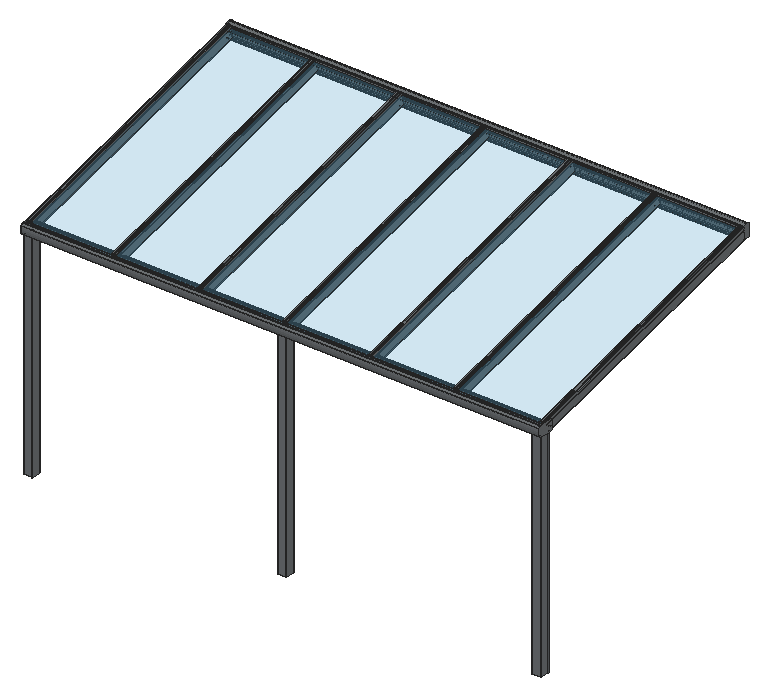
Revit family "Verano_V905_Iseo_GM_R21", category Generic Models, Revit 2021
Family settings
  Can host rebar = No
  Round Connector Dimension = Use Diameter
  Part Type = Normal
  Work Plane-Based = No
  Always vertical = Yes
  Cut with Voids When Loaded = No
  Shared = No
  Room Calculation Point = No
Parameters (values of type "T1 - Standard Profile")
  c1 [instance] = 3029.198 mm
  c [instance] = sqrt(a ^ 2 + b ^ 2)  # 2924.995 mm
  b [instance] = Overall Projection Constraint - 141 mm - 31 mm  # 2828 mm
  a min. [instance] = b * tan(Minimal Angle)  # 247.418 mm
  a max. [instance] = b * tan(Maximal Angle)  # 1085.567 mm
  a [instance] = H1 Constraint - H2 Constraint - 3 mm  # 747 mm
  Width [instance] = Overall Width Constraint  # 6000 mm
  Warning - Width [instance] = if(or(Width Input < Minimal Width, Width Input > Maximal Width), 1 = 1, 1 = 0)  # no
  Warning - Water Resistance [instance] = if(Inclination Angle < 7.00°, 1 = 1, 1 = 0)  # no
  Warning - Projection [instance] = if(or(Projection Input < Minimal Projection, Projection Input > Maximal Projection), 1 = 1, 1 = 0)  # no
  Warning - Height [instance] = if(or([H1 - Bottom Wall Profile] > Maximal H1, H2 Constraint > Maximal Pillar Height), 1 = 1, 1 = 0)  # no
  Warning - Angle [instance] = if(or(Inclination Angle < Minimal Angle, Inclination Angle > Maximal Angle), 1 = 1, 1 = 0)  # no
  Wall Profile Length [instance] = Overall Width Constraint + 2 * 2 mm  # 6004 mm
  URL = "https://verano.nl/catalogus/terrasoverkappingen"
  Standard Profile = not(Classic Profile)  # yes
  Projection [instance] = Overall Projection Constraint  # 3000 mm
  Pillar Offset [instance] = 55 mm  # constant formula
  Panel Material [instance] = V_Polycarbonate
  Overall Width Constraint [instance] = if(Width Input < Minimal Width, Minimal Width, if(Width Input > Maximal Width, Maximal Width, Width Input))  # 6000 mm
  Width Input [instance] = 6000 mm
  Overall Projection Constraint [instance] = if(Projection Input < Minimal Projection, Minimal Projection, if(Projection Input > Maximal Projection, Maximal Projection, Projection Input))  # 3000 mm
  Projection Input [instance] = 3000 mm
  OWC [instance] = Overall Width Constraint  # 6000 mm
  OPC [instance] = Overall Projection Constraint  # 3000 mm
  Number of Pillars [instance] = roundup(if(Overall Width Constraint > 3500 mm, (Overall Width Constraint / 3500 mm) + 1, 2))  # 3
  Number of Fields [instance] = roundup(Overall Width Constraint / 1000 mm)  # 6
  NOP [instance] = if(and(OWC < 3501 mm, OPC < 2501 mm), 2, if(and(OWC < 3001 mm, OPC < 3501 mm), 2, if(and(OWC < 7001 mm, OPC < 2501 mm), 3, if(and(OWC < 6001 mm, OPC < 3501 mm), 3, if(and(OWC < 5001 mm, OPC > 3500 mm), 3, if(and(OWC < 10501 mm, OPC < 2501 mm), 4, if(and(OWC < 9001 mm, OPC < 3501 mm), 4, if(and(OWC < 7501 mm, OPC > 3500 mm), 4, if(and(OWC > 10500 mm, OPC < 2501 mm), 5, if(and(OWC < 12001 mm, OPC < 3501 mm), 5, if(and(OWC < 10001 mm, OPC > 3500 mm), 5, 6)))))))))))  # 3
  NOF [instance] = if(or(Number of Fields = 3, Number of Fields = 5, Number of Fields = 7, Number of Fields = 9, Number of Fields = 11, Number of Fields = 13), "ODD", "EVEN")  # "EVEN"
  Model = "V905 Iseo"
  Minimal Width = 3000 mm  # constant formula
  Minimal Projection = 2000 mm  # constant formula
  Minimal Angle = 5.00°  # constant formula
  Maximal Width = 14000 mm  # constant formula
  Maximal Wall Height [instance] = 5000 mm + a + 3 mm + 144 mm  # 5894 mm
  Maximal Projection = 4000 mm  # constant formula
  Maximal Pillar Height [instance] = 5000 mm  # constant formula
  Maximal Angle = 21.00°  # constant formula
  Manufacturer = "Verano Systems"
  Inclination Angle [instance] = atan(a / b)  # 14.7964°
  Height [instance] = H1 Constraint  # 3250 mm
  H2C [instance] = if([H2 - Bottom Profile Gutter] > (H1 Constraint - a min.), (H1 Constraint - a min.), if([H2 - Bottom Profile Gutter] < (H1 Constraint - a max.), (H1 Constraint - a max.), [H2 - Bottom Profile Gutter]))  # 2500 mm
  H2 Constraint [instance] = if([H2 - Bottom Profile Gutter] > H1 Constraint, (H1 Constraint - a min.), [H2 - Bottom Profile Gutter])  # 2500 mm
  H2 - Bottom Profile Gutter [instance] = 2500 mm
  Maximal H1 [instance] = Maximal Pillar Height + 3828.3 mm * tan(Maximal Angle)  # 6469.547 mm
  H1 Constraint [instance] = if([H1 - Bottom Wall Profile] > Maximal H1, Maximal H1, [H1 - Bottom Wall Profile])  # 3250 mm
  H1 - Bottom Wall Profile [instance] = 3250 mm
  Frame Material [instance] = V_Antracite
  Field Width [instance] = (Overall Width Constraint - 2 * 30 mm) / Number of Fields  # 990 mm
  Description = "De terrasoverkapping Iseo is enorm geschikt model wanneer je met een lager budget op zoek bent naar een kwalitatief uitstekend type. De dakplaten van polycarbonaat zijn stevig en hebben een hoge slagvastheid zodat jij jarenlang kunt genieten van jouw overkapping."
  Default Elevation = 0 mm
  Classic Profile = no
  Attention = "Water resistance is not guaranteed on slopes less than 7º"
  Achtung = "Keine Garantie auf Wasserdichtigkeit bei einem Gefälle von weniger als 7º"
Reference planes
  plane 1 "Center (Front/Back)": y = 0
  plane 2: z = 0
  plane 3 "Center (Left/Right)": x = 0
  plane 4: x = 3000
  plane 5: x = -3000
  plane 6: y = -3000
  plane 7: y = -2945
  plane 8: x = -2945
  plane 9: x = 2945
  plane 10 "RevV": y = -31
  plane 11 "RevH": z = 3250
Forms (mm)
  Revolve 1, solid, not visible
    sketch origin (0, 0, 3250) x (-1, 0, 0) y (0, -1, 0)
      loop
        line (-3000, 31) -> (3000, 31) -> (3000, 41) -> (-3000, 41) -> (-3000, 31)
      axis (-3000, 31) -> (3000, 31)
    angle from 14.796 <- "Inclination Angle" to 90
Lines and regions (mm)
  symbolic lines, style "GenericModelHiddenLines"
    curve 1: line (3000, 0, 0) -> (-3000, 0, 0)
    curve 2: line (3000, 0, 0) -> (3000, -3000, 0)
    curve 3: line (-3000, -3000, 0) -> (3000, -3000, 0)
    curve 4: line (-3000, 0, 0) -> (-3000, -3000, 0)
Dimensions and locks
  equal spacing: plane 5, plane 3 "Center (Left/Right)", plane 4
  "Overall Width Constraint": plane 5 to plane 4
  "Overall Projection Constraint": plane 6 to plane 1 "Center (Front/Back)"
  "Pillar Offset": plane 5 to plane 8
  "Pillar Offset": plane 7 to plane 6
  "Pillar Offset": plane 9 to plane 4
  equal spacing: group 1, group 3, group 2  (x3)
  locked: plane 10 "RevV" to plane 1 "Center (Front/Back)" at 31
  locked: plane 1 "Center (Front/Back)" to plane 10 "RevV" at 31
  "H1 Constraint": level to plane 11 "RevH"
  nested 5 to plane 2 = 2500 mm
  aligned and locked: level to plane 2
  aligned and locked: plane 3 "Center (Left/Right)" to nested 1
  aligned and locked: plane 8 to nested 2
  aligned and locked: nested 2 to plane 7
  aligned and locked: plane 9 to nested 3
  aligned and locked: plane 7 to nested 3
  aligned and locked: nested 4 to plane 3 "Center (Left/Right)"
  aligned and locked: nested 4 to plane 7
  aligned and locked: nested 5 to plane 3 "Center (Left/Right)"
  aligned and locked: nested 5 to plane 7
  aligned and locked: Revolve 1 sketch curve to plane 10 "RevV"
  aligned and locked: plane 5 to Revolve 1 sketch curve
  aligned and locked: plane 4 to Revolve 1 sketch curve
  aligned and locked: nested 6 to plane 3 "Center (Left/Right)"
  aligned and locked: curve 1 to plane 1 "Center (Front/Back)"
  aligned and locked: curve 2 to plane 4
  aligned and locked: curve 3 to plane 6
  aligned and locked: curve 4 to plane 5
Automatic sketch dimensions
  plane 10 "RevV" to Revolve 1 sketch curve = 0 mm
  plane 10 "RevV" to Revolve 1 sketch curve = 10 mm
  plane 4 to Revolve 1 sketch curve = 500 mm
  Revolve 1 sketch curve to Revolve 1 sketch curve = 500 mm
Nested families
  nested 1: "Wall Profile" at (0, 0, 3250), built-in parameter 1001360 <- "H1 Constraint", type "Wall Profile"
    with Length 6004 mm
  nested 2: "Pillar" at (-2945, -2945, 0), type "Pillar"
    with Pillar Height 2500 mm
  nested 3: "Pillar" at (2945, -2945, 0), type "Pillar"
    with Pillar Height 2500 mm
  nested 4: "Gutter_Standard" at (0, -2945, 2500), built-in parameter 1001360 <- "H2 Constraint", visible <- "Standard Profile", type "Gutter_Standard"
    with Length 6004 mm
  nested 5: "Gutter_Classic" at (0, -2945, 2500), built-in parameter 1001360 <- "H2 Constraint", visible <- "Classic Profile", type "Gutter_Classic"
    with Length 6004 mm
  nested 6: "Frame" at (0, -31, 3250) x (1, 0, 0) z (0, -0.2554, 0.9668), type "Frame"
    with Width 6000 mm, Rail Length 2 2981.795 mm, Rail Length 1 2914.795 mm, Panel Width 964 mm, Numebr of Rails 5, Number of Fileds 6, Length 2924.995 mm, Field Width 990 mm
  nested 7: "Pillar" at (0, -2945, 0), type "Pillar"
    with Pillar Height 2500 mm
Definition of nested family "Wall Profile"
  Parameters (values of type "Wall Profile")
    Length = 6254 mm
    Frame Material = none
    Default Elevation = 0 mm
  Reference planes
    plane 1 "Center (Front/Back)": y = 0
    plane 2: z = 0
    plane 3 "Center (Left/Right)": x = 0
    plane 4 "Right": x = 3127
    plane 5 "Left": x = -3127
    plane 6: x = -3125
    plane 7: x = 3125
    plane 8: y = -31
  Forms (mm)
    Extrusion 1, solid, material <- "Frame Material"
      sketch origin (0, 0, 144) x (0, 1, 0) y (0, 0, 1)
        loop
          line (-61, -17.732) -> (-59.743, -21.844)
          arc (-59.743, -21.844) -> (-58.619, -22.442) -> (-58.021, -21.318) r 0.9
          line (-58.021, -21.318) -> (-58.694, -19.119) -> (-53.04, -17.39) -> (-50.865, -24.505) -> (-53.389, -27.117) -> (-56.004, -27.917) -> (-56.668, -25.745)
          arc (-56.668, -25.745) -> (-57.792, -25.147) -> (-58.39, -26.271) r 0.9
          line (-58.39, -26.271) -> (-57.198, -30.167) -> (-52.364, -28.647) -> (-48.833, -24.992) -> (-49.922, -21.433)
          arc (-49.922, -21.433) -> (-49.438, -21.067) -> (-49.254, -20.49) r 1
          line (-49.254, -20.49) -> (-49.254, -19.492)
          arc (-49.254, -19.492) -> (-49.617, -19.051) -> (-50.121, -19.322) r 0.45
          arc (-50.121, -19.322) -> (-50.492, -16.564) -> (-47.734, -16.935) r 1.75
          arc (-47.734, -16.935) -> (-48.005, -17.438) -> (-47.563, -17.801) r 0.45
          line (-47.563, -17.801) -> (-46.632, -17.801)
          arc (-46.632, -17.801) -> (-46.029, -17.497) -> (-45.915, -16.832) r 0.75
          line (-45.915, -16.832) -> (-46.368, -15.35) -> (-8.099, -3.65)
          arc (-8.099, -3.65) -> (-7.704, -4.303) -> (-6.963, -4.487) r 1
          line (-6.963, -4.487) -> (-6.173, -4.368)
          arc (-6.173, -4.368) -> (-5.79, -3.944) -> (-6.132, -3.486) r 0.45
          arc (-6.132, -3.486) -> (-3.459, -2.712) -> (-3.418, -5.494) r 1.75
          arc (-3.418, -5.494) -> (-3.956, -5.301) -> (-4.25, -5.791) r 0.45
          line (-4.25, -5.791) -> (-4.132, -6.581)
          arc (-4.132, -6.581) -> (-3.74, -7.236) -> (-3, -7.423) r 1
          line (-3, -7.423) -> (-3, -125.026)
          arc (-3, -125.026) -> (-3.698, -125.98) -> (-4.818, -125.601) r 1
          arc (-4.818, -125.601) -> (-15.777, -115.853) -> (-29.933, -112.018) r 32
          arc (-29.933, -112.018) -> (-31.385, -112.573) -> (-32, -114) r 2
          arc (-32, -114) -> (-31.008, -115) -> (-30, -114.017) r 1
          arc (-30, -114.017) -> (-13.607, -119.557) -> (-3, -133.23) r 30
          line (-3, -133.23) -> (-3, -140.191) -> (-4.5, -140.191) -> (-4.5, -141.809)
          arc (-4.5, -141.809) -> (-4.137, -142.25) -> (-3.634, -141.98) r 0.45
          arc (-3.634, -141.98) -> (-3.263, -144.737) -> (-6.02, -144.366) r 1.75
          arc (-6.02, -144.366) -> (-5.75, -143.863) -> (-6.191, -143.5) r 0.45
          line (-6.191, -143.5) -> (-7.809, -143.5) -> (-7.809, -145) -> (-31, -145)
          arc (-31, -145) -> (-31.906, -143.577) -> (-30.234, -143.357) r 1
          line (-30.234, -143.357) -> (-28.702, -142.072)
          arc (-28.702, -142.072) -> (-33.719, -142.732) -> (-31, -147) r 3
          line (-31, -147) -> (0, -147) -> (0, -145.5) -> (-1, -144.923) -> (-1, -111.202) -> (0, -110.625) -> (0, -109.125) -> (-1, -108.548) -> (-1, -74.827) -> (0, -74.25) -> (0, -72.75) -> (-1, -72.173) -> (-1, -38.452) -> (0, -37.875) -> (0, -36.375) -> (-1, -35.798) -> (-1, -2.077) -> (0, -1.5) -> (0, 0) -> (-3, 0) -> (-61, -17.732)
      from -3125 to 3125
    Extrusion 2, solid, material <- "Frame Material"
      sketch origin (-3127, 0, 144) x (0, 1, 0) y (0, 0, 1)
        loop
          line (-1, -147) -> (-1, 0) -> (-3, 0) -> (-61, -17.732) -> (-51.428, -141.463)
          arc (-51.428, -141.463) -> (-49.522, -145.403) -> (-45.446, -147) r 6
          line (-45.446, -147) -> (-1, -147)
      from 0 to 2
    Extrusion 3, solid, material <- "Frame Material"
      sketch origin (1000, 0, 144) x (0, 1, 0) y (0, 0, -1)
        loop
          line (-1, 147) -> (-45.446, 147)
          arc (-45.446, 147) -> (-49.522, 145.403) -> (-51.428, 141.463) r 6
          line (-51.428, 141.463) -> (-61, 17.732) -> (-3, 0) -> (-1, 0) -> (-1, 147)
      from -2127 to -2125
  Dimensions and locks
    equal spacing: plane 5 "Left", plane 3 "Center (Left/Right)", plane 4 "Right"
    "Length": plane 5 "Left" to plane 4 "Right"
    locked: plane 7 to plane 4 "Right" at 2
    locked: plane 5 "Left" to plane 6 at 2
    locked: plane 1 "Center (Front/Back)" to plane 8 at 31
    aligned and locked: level to plane 2
    aligned and locked: Extrusion 1 to plane 6
    aligned and locked: plane 7 to Extrusion 1
    aligned and locked: Extrusion 2 to plane 5 "Left"
    aligned and locked: plane 6 to Extrusion 2
    aligned and locked: plane 4 "Right" to Extrusion 3
    aligned and locked: Extrusion 3 to plane 7
  Automatic sketch dimensions
    Extrusion 1 sketch curve to Extrusion 1 sketch curve = 0 mm  (x19)
    Extrusion 1 sketch curve to plane 8 = 0 mm  (x2)
    level to Extrusion 1 sketch curve = 144 mm
    Extrusion 1 sketch curve to plane 1 "Center (Front/Back)" = 0 mm  (x5)
    plane 8 to Extrusion 1 sketch curve = 14.915 mm
    Extrusion 1 sketch curve to Extrusion 1 sketch curve = 0.453 mm
    Extrusion 1 sketch curve to Extrusion 1 sketch curve = 0.717 mm
    Extrusion 1 sketch curve to Extrusion 1 sketch curve = 0.931 mm
    Extrusion 1 sketch curve to Extrusion 1 sketch curve = 1.27 mm
    Extrusion 1 sketch curve to Extrusion 1 sketch curve = 1.691 mm  (x4)
    Extrusion 1 sketch curve to Extrusion 1 sketch curve = 0.45 mm  (x4)
    Extrusion 1 sketch curve to Extrusion 1 sketch curve = 0.667 mm
    Extrusion 1 sketch curve to Extrusion 1 sketch curve = 1 mm  (x2)
    Extrusion 1 sketch curve to Extrusion 1 sketch curve = 2.031 mm
    Extrusion 1 sketch curve to Extrusion 1 sketch curve = 1.499 mm
    Extrusion 1 sketch curve to Extrusion 1 sketch curve = 3.786 mm
    Extrusion 1 sketch curve to Extrusion 1 sketch curve = 1.025 mm
    Extrusion 1 sketch curve to Extrusion 1 sketch curve = 2.615 mm
    Extrusion 1 sketch curve to Extrusion 1 sketch curve = 0.664 mm
    Extrusion 1 sketch curve to Extrusion 1 sketch curve = 1.194 mm
    Extrusion 1 sketch curve to Extrusion 1 sketch curve = 0.861 mm  (x4)
    Extrusion 1 sketch curve to Extrusion 1 sketch curve = 1.353 mm
    Extrusion 1 sketch curve to Extrusion 1 sketch curve = 0.672 mm
    level to Extrusion 1 sketch curve = 122.156 mm
    Extrusion 1 sketch curve to Extrusion 1 sketch curve = 2.306 mm
    Extrusion 1 sketch curve to plane 8 = 0.766 mm
    Extrusion 1 sketch curve to plane 8 = 1 mm
    Extrusion 1 sketch curve to Extrusion 1 sketch curve = 1.532 mm
    level to Extrusion 1 sketch curve = 140.35 mm
    plane 1 "Center (Front/Back)" to Extrusion 1 sketch curve = 8.099 mm
    plane 1 "Center (Front/Back)" to Extrusion 1 sketch curve = 7.809 mm
    Extrusion 1 sketch curve to Extrusion 1 sketch curve = 0.988 mm
    Extrusion 1 sketch curve to Extrusion 1 sketch curve = 0.148 mm
    Extrusion 1 sketch curve to Extrusion 1 sketch curve = 0.724 mm
    Extrusion 1 sketch curve to Extrusion 1 sketch curve = 1.618 mm  (x2)
    Extrusion 1 sketch curve to Extrusion 1 sketch curve = 0.067 mm  (x2)
    Extrusion 1 sketch curve to Extrusion 1 sketch curve = 1.673 mm
    Extrusion 1 sketch curve to Extrusion 1 sketch curve = 0.25 mm  (x2)
    Extrusion 1 sketch curve to Extrusion 1 sketch curve = 0.118 mm  (x2)
    plane 1 "Center (Front/Back)" to Extrusion 1 sketch curve = 4 mm
    Extrusion 1 sketch curve to Extrusion 1 sketch curve = 0.445 mm  (x2)
    Extrusion 1 sketch curve to Extrusion 1 sketch curve = 0.662 mm
    plane 1 "Center (Front/Back)" to Extrusion 1 sketch curve = 3 mm  (x2)
    plane 1 "Center (Front/Back)" to Extrusion 1 sketch curve = 1 mm  (x4)
    Extrusion 1 sketch curve to Extrusion 1 sketch curve = 1.5 mm  (x4)
    Extrusion 1 sketch curve to Extrusion 1 sketch curve = 6.961 mm
    Extrusion 1 sketch curve to Extrusion 1 sketch curve = 8.203 mm
    Extrusion 1 sketch curve to Extrusion 1 sketch curve = 11.585 mm
    Extrusion 1 sketch curve to Extrusion 1 sketch curve = 0.017 mm
    Extrusion 1 sketch curve to Extrusion 1 sketch curve = 13.824 mm
    Extrusion 1 sketch curve to Extrusion 1 sketch curve = 0.577 mm  (x8)
    Extrusion 1 sketch curve to Extrusion 1 sketch curve = 33.72 mm  (x2)
    Extrusion 1 sketch curve to Extrusion 1 sketch curve = 8.322 mm
    Extrusion 1 sketch curve to Extrusion 1 sketch curve = 1.52 mm
    Extrusion 1 sketch curve to Extrusion 1 sketch curve = 2.25 mm
    Extrusion 1 sketch curve to Extrusion 1 sketch curve = 1.53 mm
    Extrusion 1 sketch curve to Extrusion 1 sketch curve = 0.526 mm
    Extrusion 1 sketch curve to Extrusion 1 sketch curve = 2.125 mm
    Extrusion 1 sketch curve to Extrusion 1 sketch curve = 0.488 mm
    Extrusion 1 sketch curve to Extrusion 1 sketch curve = 0.263 mm
    Extrusion 1 sketch curve to Extrusion 1 sketch curve = 3.072 mm
    Extrusion 1 sketch curve to Extrusion 1 sketch curve = 0.997 mm
    Extrusion 1 sketch curve to Extrusion 1 sketch curve = 2.199 mm
    Extrusion 1 sketch curve to Extrusion 1 sketch curve = 1.386 mm
    Extrusion 1 sketch curve to Extrusion 1 sketch curve = 0.411 mm
    Extrusion 1 sketch curve to Extrusion 1 sketch curve = 0.75 mm
    Extrusion 1 sketch curve to Extrusion 1 sketch curve = 1.482 mm
    Extrusion 1 sketch curve to Extrusion 1 sketch curve = 3.773 mm
    Extrusion 1 sketch curve to Extrusion 1 sketch curve = 0.842 mm
    Extrusion 1 sketch curve to Extrusion 1 sketch curve = 0.79 mm
    Extrusion 1 sketch curve to Extrusion 1 sketch curve = 0.836 mm
    level to Extrusion 1 sketch curve = 141.923 mm
    plane 8 to Extrusion 1 sketch curve = 1 mm
    Extrusion 1 sketch curve to Extrusion 1 sketch curve = 0.171 mm
    Extrusion 1 sketch curve to Extrusion 1 sketch curve = 0.107 mm
    level to Extrusion 2 sketch curve = 144 mm
    plane 8 to Extrusion 2 sketch curve = 30 mm
    plane 8 to Extrusion 2 sketch curve = 20.428 mm
    Extrusion 2 sketch curve to Extrusion 2 sketch curve = 5.982 mm
    plane 1 "Center (Front/Back)" to Extrusion 2 sketch curve = 3 mm
    plane 1 "Center (Front/Back)" to Extrusion 2 sketch curve = 1 mm
    level to Extrusion 2 sketch curve = 126.268 mm
    level to Extrusion 3 sketch curve = 144 mm
    plane 8 to Extrusion 3 sketch curve = 30 mm
    plane 8 to Extrusion 3 sketch curve = 20.428 mm
    Extrusion 3 sketch curve to Extrusion 3 sketch curve = 5.982 mm
    plane 1 "Center (Front/Back)" to Extrusion 3 sketch curve = 3 mm
    plane 1 "Center (Front/Back)" to Extrusion 3 sketch curve = 1 mm
    level to Extrusion 3 sketch curve = 126.268 mm
    Extrusion 1 sketch curve to level = 0 mm
    Extrusion 1 sketch curve to level = 0.923 mm
    Extrusion 1 sketch curve to level = 1 mm
    level to Extrusion 1 sketch curve = 0.05 mm
    level to Extrusion 1 sketch curve = 0.5 mm
    Extrusion 1 sketch curve to level = 0.366 mm
    level to Extrusion 2 sketch curve = 3 mm
    level to Extrusion 2 sketch curve = 2.537 mm
    level to Extrusion 3 sketch curve = 3 mm
    level to Extrusion 3 sketch curve = 2.537 mm
Definition of nested family "Pillar"
  Parameters
    Pillar Height = 1406.616 mm
    Frame Material = none
    Default Elevation = 0 mm
  Reference planes
    plane 1 "Center (Front/Back)": y = 0
    plane 2: z = 0
    plane 3 "Center (Left/Right)": x = 0
    plane 4: z = 1406.616
  Forms (mm)
    Extrusion 1, solid, material <- "Frame Material"
      sketch origin (0, 0, 0) x (1, 0, 0) y (0, 1, 0)
        loop
          arc (-50, 55) -> (-53.536, 53.536) -> (-55, 50) r 5
          line (-55, 50) -> (-55, -50)
          arc (-55, -50) -> (-53.536, -53.536) -> (-50, -55) r 5
          line (-50, -55) -> (-48.199, -55) -> (-47.59, -54.39) -> (-46.98, -55) -> (46.98, -55) -> (47.59, -54.39) -> (48.199, -55) -> (50, -55)
          arc (50, -55) -> (53.536, -53.536) -> (55, -50) r 5
          line (55, -50) -> (55, 50)
          arc (55, 50) -> (53.536, 53.536) -> (50, 55) r 5
          line (50, 55) -> (-50, 55)
        loop
          arc (-50, 53) -> (-52.121, 52.121) -> (-53, 50) r 3
          line (-53, 50) -> (-53, -50)
          arc (-53, -50) -> (-52.121, -52.121) -> (-50, -53) r 3
          line (-50, -53) -> (50, -53)
          arc (50, -53) -> (52.121, -52.121) -> (53, -50) r 3
          line (53, -50) -> (53, 50)
          arc (53, 50) -> (52.121, 52.121) -> (50, 53) r 3
          line (50, 53) -> (-50, 53)
      from 0 to 1406.616
  Dimensions and locks
    "Pillar Height": plane 4 to level
    aligned and locked: level to plane 2
    aligned and locked: plane 4 to Extrusion 1
  Automatic sketch dimensions
    Extrusion 1 sketch curve to Extrusion 1 sketch curve = 5 mm  (x3)
    Extrusion 1 sketch curve to Extrusion 1 sketch curve = 1.801 mm  (x2)
    Extrusion 1 sketch curve to Extrusion 1 sketch curve = 0.61 mm  (x4)
    plane 3 "Center (Left/Right)" to Extrusion 1 sketch curve = 46.98 mm
    Extrusion 1 sketch curve to Extrusion 1 sketch curve = 0 mm  (x10)
    Extrusion 1 sketch curve to plane 1 "Center (Front/Back)" = 50 mm
    plane 1 "Center (Front/Back)" to Extrusion 1 sketch curve = 50 mm  (x2)
    Extrusion 1 sketch curve to Extrusion 1 sketch curve = 2 mm
    Extrusion 1 sketch curve to Extrusion 1 sketch curve = 3.02 mm
Definition of nested family "Gutter_Standard"
  Parameters
    Length = 2000 mm
    Frame Material = none
    Default Elevation = 0 mm
  Reference planes
    plane 1 "Center (Front/Back)": y = 0
    plane 2: z = 0
    plane 3 "Center (Left/Right)": x = 0
    plane 4: x = -1000
    plane 5: x = 1000
    plane 6: x = -998
    plane 7: x = 998
    plane 8: z = 3
    plane 9: y = 85.75
  Forms (mm)
    Extrusion 1, solid, material <- "Frame Material"
      sketch origin (0, 0, 0) x (0, 1, 0) y (0, 0, 1)
        loop
          arc (-89.355, 90) -> (-92.376, 46.949) -> (-78.75, 6) r 111
          arc (-78.75, 6) -> (-69.18, 2.447) -> (-59.27, 0) r 90
          line (-59.27, 0) -> (-57.69, -4.342)
          arc (-57.69, -4.342) -> (-56.576, -4.985) -> (-55.75, -4) r 1
          line (-55.75, -4) -> (-55.75, 0) -> (55.75, 0) -> (55.75, -18.5)
          arc (55.75, -18.5) -> (57.25, -20) -> (58.75, -18.5) r 1.5
          line (58.75, -18.5) -> (58.75, 0) -> (87.75, 0)
          arc (87.75, 0) -> (88.457, 0.293) -> (88.75, 1) r 1
          line (88.75, 1) -> (88.75, 3)
          arc (88.75, 3) -> (86.776, 5.819) -> (83.452, 4.928) r 3
          line (83.452, 4.928) -> (84.984, 3.643)
          arc (84.984, 3.643) -> (86.092, 3.94) -> (86.75, 3) r 1
          line (86.75, 3) -> (86.75, 2) -> (57.75, 2) -> (57.75, 13.77)
          arc (57.75, 13.77) -> (65.155, 24.813) -> (76.604, 31.572) r 30
          arc (76.604, 31.572) -> (75.547, 32.721) -> (73.986, 32.759) r 2
          arc (73.986, 32.759) -> (65.945, 28.135) -> (59.568, 21.399) r 32
          arc (59.568, 21.399) -> (58.448, 21.02) -> (57.75, 21.974) r 1
          line (57.75, 21.974) -> (57.75, 57)
          arc (57.75, 57) -> (56.222, 59.892) -> (52.972, 60.258) r 3.5
          arc (52.972, 60.258) -> (52.341, 59.243) -> (53.134, 58.348) r 1
          arc (53.134, 58.348) -> (56, 57) -> (53.134, 55.652) r 1.75
          arc (53.134, 55.652) -> (52.341, 54.757) -> (52.972, 53.742) r 1
          arc (52.972, 53.742) -> (54.038, 53.506) -> (55.125, 53.611) r 3.5
          arc (55.125, 53.611) -> (55.556, 53.522) -> (55.75, 53.127) r 0.5
          line (55.75, 53.127) -> (55.75, 2) -> (-59.612, 2)
          arc (-59.612, 2) -> (-68.656, 4.273) -> (-77.409, 7.49) r 88.1
          arc (-77.409, 7.49) -> (-90.499, 47.256) -> (-87.65, 89.023) r 109.1
          arc (-87.65, 89.023) -> (-76.095, 98.846) -> (-63.026, 106.542) r 88.1
          line (-63.026, 106.542) -> (-62.508, 105.222)
          arc (-62.508, 105.222) -> (-61.493, 104.591) -> (-60.598, 105.384) r 1
          arc (-60.598, 105.384) -> (-59.25, 108.25) -> (-57.902, 105.384) r 1.75
          arc (-57.902, 105.384) -> (-57.007, 104.591) -> (-55.992, 105.222) r 1
          arc (-55.992, 105.222) -> (-56.816, 109.015) -> (-60.635, 109.714) r 3.5
          arc (-60.635, 109.714) -> (-75.958, 101.26) -> (-89.355, 90) r 90
      from -998 to 998
    Extrusion 2, solid, material <- "Frame Material"
      sketch origin (0, 0, 0) x (0, 1, 0) y (0, 0, 1)
        loop
          arc (94.75, 105.3) -> (93.286, 108.836) -> (89.75, 110.3) r 5
          line (89.75, 110.3) -> (-59.25, 110.3)
          arc (-59.25, 110.3) -> (-60.018, 110.222) -> (-60.754, 109.99) r 3.8
          arc (-60.754, 109.99) -> (-76.16, 101.485) -> (-89.624, 90.154) r 90.3
          arc (-89.624, 90.154) -> (-92.684, 46.997) -> (-79.058, 5.934) r 111.3
          arc (-79.058, 5.934) -> (-68.441, -0.427) -> (-57.051, -5.272) r 90
          line (-57.051, -5.272) -> (57.015, -20.285)
          arc (57.015, -20.285) -> (57.582, -20.269) -> (58.115, -20.078) r 1.8
          line (58.115, -20.078) -> (92.153, -1.423)
          arc (92.153, -1.423) -> (94.052, 0.413) -> (94.75, 2.961) r 5
          line (94.75, 2.961) -> (94.75, 105.3)
        loop
          circle (-59.25, 106.5) r 2
        loop
          circle (-74.75, 10) r 2
        loop
          circle (54.25, 57) r 2
        loop
          circle (54.25, 5.5) r 2
      from -1000 to -998
    Extrusion 3, solid, material <- "Frame Material"
      sketch origin (0, 0, 0) x (0, 1, 0) y (0, 0, -1)
        loop
          line (94.75, -105.3) -> (94.75, -2.961)
          arc (94.75, -2.961) -> (94.052, -0.413) -> (92.153, 1.423) r 5
          line (92.153, 1.423) -> (58.115, 20.078)
          arc (58.115, 20.078) -> (57.582, 20.269) -> (57.015, 20.285) r 1.8
          line (57.015, 20.285) -> (-57.051, 5.272)
          arc (-57.051, 5.272) -> (-68.441, 0.427) -> (-79.058, -5.934) r 90
          arc (-79.058, -5.934) -> (-92.684, -46.997) -> (-89.624, -90.154) r 111.3
          arc (-89.624, -90.154) -> (-76.16, -101.485) -> (-60.754, -109.99) r 90.3
          arc (-60.754, -109.99) -> (-60.018, -110.222) -> (-59.25, -110.3) r 3.8
          line (-59.25, -110.3) -> (89.75, -110.3)
          arc (89.75, -110.3) -> (93.286, -108.836) -> (94.75, -105.3) r 5
        loop
          circle (-59.25, -106.5) r 2
        loop
          circle (-74.75, -10) r 2
        loop
          circle (54.25, -57) r 2
        loop
          circle (54.25, -5.5) r 2
      from -1000 to -998
  Dimensions and locks
    equal spacing: plane 4, plane 3 "Center (Left/Right)", plane 5
    "Length": plane 4 to plane 5
    locked: plane 7 to plane 5 at 2
    locked: plane 4 to plane 6 at 2
    locked: plane 8 to level at 3
    locked: plane 9 to plane 1 "Center (Front/Back)" at 85.75
    aligned and locked: level to plane 2
    aligned and locked: Extrusion 1 to plane 6
    aligned and locked: plane 7 to Extrusion 1
    aligned and locked: plane 6 to Extrusion 2
    aligned and locked: Extrusion 2 to plane 4
    aligned and locked: Extrusion 3 to plane 7
    aligned and locked: plane 5 to Extrusion 3
  Automatic sketch dimensions
    Extrusion 1 sketch curve to Extrusion 1 sketch curve = 0 mm  (x31)
    Extrusion 1 sketch curve to level = 0 mm  (x3)
    Extrusion 1 sketch curve to plane 8 = 0 mm
    Extrusion 1 sketch curve to plane 9 = 0 mm
    plane 9 to Extrusion 1 sketch curve = 0.766 mm
    Extrusion 1 sketch curve to Extrusion 1 sketch curve = 1.532 mm
    plane 9 to Extrusion 1 sketch curve = 11.029 mm
    Extrusion 1 sketch curve to Extrusion 1 sketch curve = 24.702 mm
    Extrusion 1 sketch curve to Extrusion 1 sketch curve = 15.971 mm
    Extrusion 1 sketch curve to Extrusion 1 sketch curve = 1 mm  (x4)
    Extrusion 1 sketch curve to plane 8 = 1 mm  (x2)
    Extrusion 1 sketch curve to Extrusion 1 sketch curve = 1.5 mm
    Extrusion 1 sketch curve to Extrusion 1 sketch curve = 2 mm
    Extrusion 1 sketch curve to Extrusion 1 sketch curve = 0.5 mm
    Extrusion 1 sketch curve to Extrusion 1 sketch curve = 3.5 mm
    Extrusion 1 sketch curve to Extrusion 1 sketch curve = 1.913 mm
    Extrusion 1 sketch curve to Extrusion 1 sketch curve = 0.913 mm  (x2)
    Extrusion 1 sketch curve to plane 1 "Center (Front/Back)" = 17.75 mm
    plane 1 "Center (Front/Back)" to Extrusion 1 sketch curve = 25.024 mm
    plane 1 "Center (Front/Back)" to Extrusion 1 sketch curve = 42.688 mm
    Extrusion 1 sketch curve to level = 4 mm
    Extrusion 1 sketch curve to Extrusion 1 sketch curve = 30.726 mm
    Extrusion 1 sketch curve to Extrusion 1 sketch curve = 14.235 mm
    Extrusion 1 sketch curve to level = 4.342 mm
    Extrusion 1 sketch curve to Extrusion 1 sketch curve = 2.327 mm  (x4)
    Extrusion 1 sketch curve to Extrusion 1 sketch curve = 3.52 mm
    Extrusion 1 sketch curve to Extrusion 1 sketch curve = 0.342 mm
    Extrusion 1 sketch curve to Extrusion 1 sketch curve = 0.931 mm  (x2)
    Extrusion 1 sketch curve to Extrusion 1 sketch curve = 0.518 mm
    Extrusion 1 sketch curve to plane 9 = 1 mm
    Extrusion 1 sketch curve to plane 9 = 2 mm
    Extrusion 1 sketch curve to level = 18.5 mm
    plane 8 to Extrusion 1 sketch curve = 10.77 mm
    Extrusion 1 sketch curve to Extrusion 1 sketch curve = 8.203 mm
    plane 8 to Extrusion 1 sketch curve = 24.059 mm
    Extrusion 1 sketch curve to Extrusion 1 sketch curve = 9.5 mm
    Extrusion 1 sketch curve to Extrusion 1 sketch curve = 22.228 mm
    Extrusion 1 sketch curve to Extrusion 1 sketch curve = 1.546 mm
    Extrusion 1 sketch curve to Extrusion 1 sketch curve = 0.594 mm
    Extrusion 1 sketch curve to Extrusion 1 sketch curve = 61.4 mm
    Extrusion 1 sketch curve to Extrusion 1 sketch curve = 16.762 mm
    Extrusion 1 sketch curve to Extrusion 1 sketch curve = 0.365 mm  (x2)
    Extrusion 1 sketch curve to Extrusion 1 sketch curve = 1.32 mm
    Extrusion 1 sketch curve to Extrusion 1 sketch curve = 1.883 mm
    Extrusion 1 sketch curve to Extrusion 1 sketch curve = 0.203 mm  (x2)
    Extrusion 1 sketch curve to Extrusion 1 sketch curve = 0.979 mm
    plane 8 to Extrusion 1 sketch curve = 4.49 mm
    Extrusion 1 sketch curve to Extrusion 1 sketch curve = 1.341 mm
    Extrusion 2 sketch curve to Extrusion 2 sketch curve = 0 mm  (x2)
    plane 8 to Extrusion 2 sketch curve = 7 mm
    plane 1 "Center (Front/Back)" to Extrusion 2 sketch curve = 74.75 mm
    plane 1 "Center (Front/Back)" to Extrusion 2 sketch curve = 59.25 mm
    Extrusion 2 sketch curve to level = 5.272 mm
    Extrusion 2 sketch curve to Extrusion 2 sketch curve = 17.699 mm
    plane 1 "Center (Front/Back)" to Extrusion 2 sketch curve = 27.602 mm
    plane 1 "Center (Front/Back)" to Extrusion 2 sketch curve = 25.024 mm
    Extrusion 2 sketch curve to plane 1 "Center (Front/Back)" = 17.75 mm
    plane 9 to Extrusion 2 sketch curve = 31.5 mm  (x2)
    plane 8 to Extrusion 2 sketch curve = 2.5 mm
    Extrusion 2 sketch curve to Extrusion 2 sketch curve = 2.765 mm
    Extrusion 2 sketch curve to Extrusion 2 sketch curve = 0.235 mm
    Extrusion 2 sketch curve to Extrusion 2 sketch curve = 1.1 mm
    Extrusion 2 sketch curve to plane 9 = 4 mm  (x2)
    Extrusion 2 sketch curve to plane 8 = 0.039 mm
    Extrusion 2 sketch curve to level = 1.423 mm
    Extrusion 2 sketch curve to Extrusion 2 sketch curve = 2.403 mm
    Extrusion 2 sketch curve to level = 18.5 mm
    Extrusion 2 sketch curve to Extrusion 2 sketch curve = 1.578 mm
    plane 8 to Extrusion 2 sketch curve = 24.059 mm
    Extrusion 2 sketch curve to Extrusion 2 sketch curve = 51.5 mm
    Extrusion 2 sketch curve to Extrusion 2 sketch curve = 3.852 mm
    Extrusion 2 sketch curve to Extrusion 2 sketch curve = 18.922 mm
    Extrusion 2 sketch curve to Extrusion 2 sketch curve = 48.3 mm
    Extrusion 2 sketch curve to Extrusion 2 sketch curve = 3.8 mm
    plane 8 to Extrusion 2 sketch curve = 2.934 mm
    Extrusion 2 sketch curve to Extrusion 2 sketch curve = 30.374 mm
    Extrusion 3 sketch curve to Extrusion 3 sketch curve = 0 mm  (x2)
    plane 8 to Extrusion 3 sketch curve = 7 mm
    plane 1 "Center (Front/Back)" to Extrusion 3 sketch curve = 74.75 mm
    plane 1 "Center (Front/Back)" to Extrusion 3 sketch curve = 59.25 mm
    Extrusion 3 sketch curve to level = 5.272 mm
    Extrusion 3 sketch curve to Extrusion 3 sketch curve = 17.699 mm
    plane 1 "Center (Front/Back)" to Extrusion 3 sketch curve = 27.602 mm
    plane 1 "Center (Front/Back)" to Extrusion 3 sketch curve = 25.024 mm
    Extrusion 3 sketch curve to plane 1 "Center (Front/Back)" = 17.75 mm
    plane 9 to Extrusion 3 sketch curve = 31.5 mm  (x2)
    plane 8 to Extrusion 3 sketch curve = 2.5 mm
    Extrusion 3 sketch curve to Extrusion 3 sketch curve = 2.765 mm
    Extrusion 3 sketch curve to Extrusion 3 sketch curve = 0.235 mm
    Extrusion 3 sketch curve to Extrusion 3 sketch curve = 1.1 mm
    Extrusion 3 sketch curve to plane 9 = 4 mm  (x2)
    Extrusion 3 sketch curve to plane 8 = 0.039 mm
    Extrusion 3 sketch curve to level = 1.423 mm
    Extrusion 3 sketch curve to Extrusion 3 sketch curve = 2.403 mm
    plane 8 to Extrusion 3 sketch curve = 24.059 mm
    Extrusion 3 sketch curve to Extrusion 3 sketch curve = 51.5 mm
    Extrusion 3 sketch curve to Extrusion 3 sketch curve = 3.852 mm
    Extrusion 3 sketch curve to Extrusion 3 sketch curve = 18.922 mm
    Extrusion 3 sketch curve to Extrusion 3 sketch curve = 48.3 mm
    Extrusion 3 sketch curve to Extrusion 3 sketch curve = 3.8 mm
    Extrusion 3 sketch curve to level = 18.5 mm
    Extrusion 3 sketch curve to Extrusion 3 sketch curve = 1.578 mm
    plane 8 to Extrusion 3 sketch curve = 2.934 mm
    Extrusion 3 sketch curve to Extrusion 3 sketch curve = 30.374 mm
    radius of Extrusion 2 sketch curve = 2 mm  (x4)
    radius of Extrusion 3 sketch curve = 2 mm  (x4)
Definition of nested family "Gutter_Classic"
  Parameters
    Length = 2000 mm
    Frame Material = none
    Default Elevation = 0 mm
  Reference planes
    plane 1 "Center (Front/Back)": y = 0
    plane 2: z = 0
    plane 3 "Center (Left/Right)": x = 0
    plane 4: x = -1000
    plane 5: x = 1000
    plane 6: x = -998
    plane 7: x = 998
  Forms (mm)
    Extrusion 1, solid, material <- "Frame Material"
      sketch origin (0, 0, 0) x (0, 1, 0) y (0, 0, 1)
        loop
          arc (-84.27, 25) -> (-76.948, 7.322) -> (-59.27, 0) r 25
          line (-59.27, 0) -> (-57.69, -4.342)
          arc (-57.69, -4.342) -> (-56.576, -4.985) -> (-55.75, -4) r 1
          line (-55.75, -4) -> (-55.75, 0) -> (55.75, 0) -> (55.75, -18.5)
          arc (55.75, -18.5) -> (57.25, -20) -> (58.75, -18.5) r 1.5
          line (58.75, -18.5) -> (58.75, 0) -> (87.75, 0)
          arc (87.75, 0) -> (88.457, 0.293) -> (88.75, 1) r 1
          line (88.75, 1) -> (88.75, 3)
          arc (88.75, 3) -> (86.776, 5.819) -> (83.452, 4.928) r 3
          line (83.452, 4.928) -> (84.984, 3.643)
          arc (84.984, 3.643) -> (86.092, 3.94) -> (86.75, 3) r 1
          line (86.75, 3) -> (86.75, 2) -> (57.739, 2) -> (57.739, 13.768)
          arc (57.739, 13.768) -> (64.472, 24.152) -> (74.824, 30.934) r 29.993
          arc (74.824, 30.934) -> (75.393, 32.233) -> (74.093, 32.802) r 1.003
          arc (74.093, 32.802) -> (65.995, 28.17) -> (59.577, 21.398) r 32.002
          arc (59.577, 21.398) -> (58.452, 21.018) -> (57.751, 21.976) r 1.004
          line (57.751, 21.976) -> (57.751, 57)
          arc (57.751, 57) -> (56.222, 59.892) -> (52.972, 60.258) r 3.5
          arc (52.972, 60.258) -> (52.341, 59.243) -> (53.134, 58.348) r 1
          arc (53.134, 58.348) -> (56, 57) -> (53.134, 55.652) r 1.75
          arc (53.134, 55.652) -> (52.341, 54.757) -> (52.972, 53.742) r 1
          arc (52.972, 53.742) -> (54.371, 53.502) -> (55.75, 53.838) r 3.5
          line (55.75, 53.838) -> (55.75, 2) -> (-59.27, 2)
          arc (-59.27, 2) -> (-75.534, 8.737) -> (-82.27, 25) r 23
          line (-82.27, 25) -> (-82.27, 58.2)
          arc (-82.27, 58.2) -> (-86.562, 69.492) -> (-97.27, 75.082) r 17
          line (-97.27, 75.082) -> (-97.27, 83.7) -> (-99.27, 83.7)
          arc (-99.27, 83.7) -> (-108.462, 87.508) -> (-112.27, 96.7) r 13
          line (-112.27, 96.7) -> (-112.27, 108) -> (-103.27, 108)
          arc (-103.27, 108) -> (-102.27, 109) -> (-103.27, 110) r 1
          line (-103.27, 110) -> (-114.27, 110) -> (-114.27, 96.7)
          arc (-114.27, 96.7) -> (-109.877, 86.093) -> (-99.27, 81.7) r 15
          line (-99.27, 81.7) -> (-99.27, 73.2)
          arc (-99.27, 73.2) -> (-88.663, 68.807) -> (-84.27, 58.2) r 15
          line (-84.27, 58.2) -> (-84.27, 25)
      from -998 to 998
    Extrusion 2, solid, material <- "Frame Material"
      sketch origin (0, 0, 0) x (0, 1, 0) y (0, 0, 1)
        loop
          line (89.754, 110.3) -> (-113.769, 110.3)
          arc (-113.769, 110.3) -> (-114.335, 110.066) -> (-114.569, 109.5) r 0.8
          line (-114.569, 109.5) -> (-114.569, 96.7)
          arc (-114.569, 96.7) -> (-110.194, 85.988) -> (-99.57, 81.403) r 15.3
          line (-99.57, 81.403) -> (-99.57, 73.692)
          arc (-99.57, 73.692) -> (-99.345, 73.136) -> (-98.797, 72.892) r 0.8
          arc (-98.797, 72.892) -> (-88.709, 68.426) -> (-84.57, 58.2) r 14.7
          line (-84.57, 58.2) -> (-84.57, 25)
          arc (-84.57, 25) -> (-77.234, 7.185) -> (-59.48, -0.299) r 25.3
          line (-59.48, -0.299) -> (-57.972, -4.445)
          arc (-57.972, -4.445) -> (-57.564, -5.014) -> (-56.92, -5.289) r 1.3
          line (-56.92, -5.289) -> (57.015, -20.285)
          arc (57.015, -20.285) -> (57.582, -20.269) -> (58.116, -20.078) r 1.8
          line (58.116, -20.078) -> (92.155, -1.422)
          arc (92.155, -1.422) -> (94.053, 0.414) -> (94.75, 2.961) r 5
          line (94.75, 2.961) -> (94.75, 105.3)
          arc (94.75, 105.3) -> (93.287, 108.834) -> (89.754, 110.3) r 5
        loop
          circle (54.25, 57) r 2
        loop
          circle (-78.77, 22) r 2
        loop
          circle (-108.77, 97) r 2
        loop
          circle (54.25, 5.5) r 2
      from 998 to 1000
    Extrusion 3, solid, material <- "Frame Material"
      sketch origin (0, 0, 0) x (0, 1, 0) y (0, 0, -1)
        loop
          arc (89.754, -110.3) -> (93.287, -108.834) -> (94.75, -105.3) r 5
          line (94.75, -105.3) -> (94.75, -2.961)
          arc (94.75, -2.961) -> (94.053, -0.414) -> (92.155, 1.422) r 5
          line (92.155, 1.422) -> (58.116, 20.078)
          arc (58.116, 20.078) -> (57.582, 20.269) -> (57.015, 20.285) r 1.8
          line (57.015, 20.285) -> (-56.92, 5.289)
          arc (-56.92, 5.289) -> (-57.564, 5.014) -> (-57.972, 4.445) r 1.3
          line (-57.972, 4.445) -> (-59.48, 0.299)
          arc (-59.48, 0.299) -> (-77.234, -7.185) -> (-84.57, -25) r 25.3
          line (-84.57, -25) -> (-84.57, -58.2)
          arc (-84.57, -58.2) -> (-88.709, -68.426) -> (-98.796, -72.892) r 14.7
          arc (-98.796, -72.892) -> (-99.345, -73.135) -> (-99.57, -73.692) r 0.8
          line (-99.57, -73.692) -> (-99.57, -81.403)
          arc (-99.57, -81.403) -> (-110.194, -85.988) -> (-114.569, -96.7) r 15.3
          line (-114.569, -96.7) -> (-114.569, -109.5)
          arc (-114.569, -109.5) -> (-114.335, -110.066) -> (-113.769, -110.3) r 0.8
          line (-113.769, -110.3) -> (89.754, -110.3)
        loop
          circle (54.25, -57) r 2
        loop
          circle (-78.77, -22) r 2
        loop
          circle (-108.77, -97) r 2
        loop
          circle (54.25, -5.5) r 2
      from 998 to 1000
  Dimensions and locks
    equal spacing: plane 4, plane 3 "Center (Left/Right)", plane 5
    "Length": plane 4 to plane 5
    locked: plane 7 to plane 5 at 2
    locked: plane 4 to plane 6 at 2
    aligned and locked: level to plane 2
    aligned and locked: Extrusion 1 to plane 6
    aligned and locked: plane 7 to Extrusion 1
    aligned and locked: Extrusion 2 to plane 7
    aligned and locked: plane 5 to Extrusion 2
    aligned and locked: plane 6 to Extrusion 3
    aligned and locked: Extrusion 3 to plane 4
  Automatic sketch dimensions
    Extrusion 1 sketch curve to Extrusion 1 sketch curve = 0 mm  (x18)
    Extrusion 1 sketch curve to level = 0 mm  (x3)
    plane 1 "Center (Front/Back)" to Extrusion 1 sketch curve = 114.27 mm
    Extrusion 1 sketch curve to Extrusion 1 sketch curve = 2 mm  (x3)
    Extrusion 1 sketch curve to Extrusion 1 sketch curve = 9 mm
    Extrusion 1 sketch curve to Extrusion 1 sketch curve = 13 mm
    level to Extrusion 1 sketch curve = 25 mm
    Extrusion 1 sketch curve to Extrusion 1 sketch curve = 15 mm
    Extrusion 1 sketch curve to level = 4.342 mm
    Extrusion 1 sketch curve to Extrusion 1 sketch curve = 1.58 mm
    Extrusion 1 sketch curve to Extrusion 1 sketch curve = 0.94 mm
    Extrusion 1 sketch curve to Extrusion 1 sketch curve = 3.52 mm
    Extrusion 1 sketch curve to plane 1 "Center (Front/Back)" = 53.337 mm
    Extrusion 1 sketch curve to Extrusion 1 sketch curve = 0.913 mm
    Extrusion 1 sketch curve to Extrusion 1 sketch curve = 2.413 mm
    Extrusion 1 sketch curve to Extrusion 1 sketch curve = 1.5 mm
    Extrusion 1 sketch curve to Extrusion 1 sketch curve = 1.989 mm
    Extrusion 1 sketch curve to Extrusion 1 sketch curve = 3.5 mm
    Extrusion 1 sketch curve to Extrusion 1 sketch curve = 1.004 mm
    Extrusion 1 sketch curve to Extrusion 1 sketch curve = 15.704 mm
    level to Extrusion 1 sketch curve = 4.928 mm
    Extrusion 1 sketch curve to Extrusion 1 sketch curve = 24.702 mm
    level to Extrusion 1 sketch curve = 3.643 mm
    Extrusion 1 sketch curve to Extrusion 1 sketch curve = 1.532 mm
    Extrusion 1 sketch curve to Extrusion 1 sketch curve = 0.746 mm
    Extrusion 1 sketch curve to Extrusion 1 sketch curve = 0.02 mm
    Extrusion 1 sketch curve to Extrusion 1 sketch curve = 0.014 mm
    Extrusion 1 sketch curve to Extrusion 1 sketch curve = 0.986 mm
    level to Extrusion 1 sketch curve = 1 mm
    Extrusion 1 sketch curve to level = 18.5 mm
    Extrusion 1 sketch curve to Extrusion 1 sketch curve = 1 mm  (x2)
    Extrusion 1 sketch curve to Extrusion 1 sketch curve = 0.006 mm
    Extrusion 1 sketch curve to Extrusion 1 sketch curve = 0.004 mm
    Extrusion 1 sketch curve to Extrusion 1 sketch curve = 11.768 mm
    Extrusion 1 sketch curve to Extrusion 1 sketch curve = 8.208 mm
    Extrusion 1 sketch curve to Extrusion 1 sketch curve = 10.47 mm
    Extrusion 1 sketch curve to Extrusion 1 sketch curve = 21.97 mm
    Extrusion 1 sketch curve to Extrusion 1 sketch curve = 0.835 mm
    Extrusion 1 sketch curve to Extrusion 1 sketch curve = 3.162 mm
    Extrusion 1 sketch curve to Extrusion 1 sketch curve = 33.2 mm
    Extrusion 1 sketch curve to Extrusion 1 sketch curve = 2.327 mm
    Extrusion 1 sketch curve to Extrusion 1 sketch curve = 6.618 mm
    Extrusion 1 sketch curve to Extrusion 1 sketch curve = 11.3 mm
    Extrusion 1 sketch curve to Extrusion 1 sketch curve = 0.203 mm
    plane 1 "Center (Front/Back)" to Extrusion 2 sketch curve = 114.569 mm
    Extrusion 2 sketch curve to Extrusion 2 sketch curve = 0.8 mm  (x2)
    Extrusion 2 sketch curve to Extrusion 2 sketch curve = 5.799 mm
    Extrusion 2 sketch curve to Extrusion 2 sketch curve = 9.2 mm
    Extrusion 2 sketch curve to Extrusion 2 sketch curve = 9.5 mm
    Extrusion 2 sketch curve to Extrusion 2 sketch curve = 0.301 mm
    Extrusion 2 sketch curve to Extrusion 2 sketch curve = 14.7 mm
    Extrusion 2 sketch curve to Extrusion 2 sketch curve = 5.8 mm
    Extrusion 2 sketch curve to level = 0.299 mm
    Extrusion 2 sketch curve to Extrusion 2 sketch curve = 19.29 mm
    Extrusion 2 sketch curve to Extrusion 2 sketch curve = 19.5 mm
    Extrusion 2 sketch curve to level = 4.445 mm
    Extrusion 2 sketch curve to Extrusion 2 sketch curve = 1.509 mm
    Extrusion 2 sketch curve to level = 5.289 mm
    Extrusion 2 sketch curve to Extrusion 2 sketch curve = 1.052 mm
    Extrusion 2 sketch curve to Extrusion 2 sketch curve = 0.17 mm
    Extrusion 2 sketch curve to plane 1 "Center (Front/Back)" = 54.25 mm
    level to Extrusion 2 sketch curve = 5.5 mm
    Extrusion 2 sketch curve to Extrusion 2 sketch curve = 0 mm  (x6)
    Extrusion 2 sketch curve to level = 20.285 mm
    Extrusion 2 sketch curve to Extrusion 2 sketch curve = 2.765 mm
    Extrusion 2 sketch curve to Extrusion 2 sketch curve = 0.235 mm
    Extrusion 2 sketch curve to level = 20.078 mm
    Extrusion 2 sketch curve to Extrusion 2 sketch curve = 1.101 mm
    level to Extrusion 2 sketch curve = 2.961 mm
    Extrusion 2 sketch curve to Extrusion 2 sketch curve = 35.5 mm  (x2)
    Extrusion 2 sketch curve to Extrusion 2 sketch curve = 0.004 mm
    Extrusion 2 sketch curve to level = 1.422 mm
    Extrusion 2 sketch curve to Extrusion 2 sketch curve = 2.405 mm
    level to Extrusion 2 sketch curve = 22 mm
    Extrusion 2 sketch curve to Extrusion 2 sketch curve = 3 mm
    Extrusion 2 sketch curve to Extrusion 2 sketch curve = 51.5 mm
    Extrusion 2 sketch curve to Extrusion 2 sketch curve = 33.2 mm
    Extrusion 2 sketch curve to Extrusion 2 sketch curve = 15.492 mm
    Extrusion 2 sketch curve to Extrusion 2 sketch curve = 7.711 mm
    Extrusion 2 sketch curve to Extrusion 2 sketch curve = 15.297 mm
    Extrusion 2 sketch curve to Extrusion 2 sketch curve = 0.3 mm
    Extrusion 2 sketch curve to Extrusion 2 sketch curve = 48.3 mm
    Extrusion 2 sketch curve to Extrusion 2 sketch curve = 12.8 mm
    plane 1 "Center (Front/Back)" to Extrusion 3 sketch curve = 114.569 mm
    Extrusion 3 sketch curve to Extrusion 3 sketch curve = 0.8 mm  (x2)
    Extrusion 3 sketch curve to Extrusion 3 sketch curve = 5.799 mm
    Extrusion 3 sketch curve to Extrusion 3 sketch curve = 9.2 mm
    Extrusion 3 sketch curve to Extrusion 3 sketch curve = 9.5 mm
    Extrusion 3 sketch curve to Extrusion 3 sketch curve = 0.301 mm
    Extrusion 3 sketch curve to Extrusion 3 sketch curve = 14.7 mm
    Extrusion 3 sketch curve to Extrusion 3 sketch curve = 5.8 mm
    Extrusion 3 sketch curve to level = 0.299 mm
    Extrusion 3 sketch curve to Extrusion 3 sketch curve = 19.29 mm
    Extrusion 3 sketch curve to Extrusion 3 sketch curve = 19.5 mm
    Extrusion 3 sketch curve to level = 4.445 mm
    Extrusion 3 sketch curve to Extrusion 3 sketch curve = 1.509 mm
    Extrusion 3 sketch curve to level = 5.289 mm
    Extrusion 3 sketch curve to Extrusion 3 sketch curve = 1.052 mm
    Extrusion 3 sketch curve to Extrusion 3 sketch curve = 0.17 mm
    Extrusion 3 sketch curve to plane 1 "Center (Front/Back)" = 54.25 mm
    level to Extrusion 3 sketch curve = 5.5 mm
    Extrusion 3 sketch curve to Extrusion 3 sketch curve = 0 mm  (x4)
    Extrusion 3 sketch curve to level = 20.285 mm
    Extrusion 3 sketch curve to Extrusion 3 sketch curve = 2.765 mm
    Extrusion 3 sketch curve to Extrusion 3 sketch curve = 0.235 mm
    Extrusion 3 sketch curve to level = 20.078 mm
    Extrusion 3 sketch curve to Extrusion 3 sketch curve = 1.101 mm
    level to Extrusion 3 sketch curve = 2.961 mm
    Extrusion 3 sketch curve to Extrusion 3 sketch curve = 35.5 mm  (x2)
    Extrusion 3 sketch curve to Extrusion 3 sketch curve = 0.004 mm
    Extrusion 3 sketch curve to level = 1.422 mm
    Extrusion 3 sketch curve to Extrusion 3 sketch curve = 2.405 mm
    level to Extrusion 3 sketch curve = 22 mm
    Extrusion 3 sketch curve to Extrusion 3 sketch curve = 3 mm
    Extrusion 3 sketch curve to Extrusion 3 sketch curve = 51.5 mm
    Extrusion 3 sketch curve to Extrusion 3 sketch curve = 33.2 mm
    Extrusion 3 sketch curve to Extrusion 3 sketch curve = 7.711 mm
    Extrusion 3 sketch curve to Extrusion 3 sketch curve = 15.297 mm
    Extrusion 3 sketch curve to Extrusion 3 sketch curve = 0.3 mm
    Extrusion 3 sketch curve to Extrusion 3 sketch curve = 48.3 mm
    Extrusion 3 sketch curve to Extrusion 3 sketch curve = 12.8 mm
    Extrusion 3 sketch curve to Extrusion 3 sketch curve = 0.026 mm
    radius of Extrusion 2 sketch curve = 2 mm  (x4)
    radius of Extrusion 3 sketch curve = 2 mm  (x4)
Definition of nested family "Frame"
  Parameters (values of type "Frame")
    Width = 11250 mm
    Rail Length 2 = Rail Length 1 + 67 mm  # 2208.104 mm
    Rail Length 1 = Length - 2 * 5.1 mm  # 2141.104 mm
    Panel Width = Field Width - 2 * 13 mm  # 906.5 mm
    Panel Material = none
    Numebr of Rails = Number of Fileds - 1  # 11
    Number of Fileds = roundup(Width / 1000 mm)  # 12
    Length = 2151.304 mm
    Frame Material = none
    Field Width = (Width - 2 * 30 mm) / Number of Fileds  # 932.5 mm
    Default Elevation = 1219.2 mm
  Reference planes
    plane 1 "Center (Front/Back)": y = 0
    plane 2: z = 0
    plane 3 "Center (Left/Right)": x = 0
    plane 4: x = 5625
    plane 5: x = -5625
    plane 6: y = -2151.304
    plane 7: x = -4662.5
    plane 8: x = 4662.5
    plane 9: x = -5595
    plane 10: x = 5595
    plane 11 "Extrusion Start": y = -5.1
  Forms (mm)
    Extrusion 1, solid, material <- "Frame Material"
      sketch origin (0, 0, 0) x (0, 1, 0) y (0, 0, 1)
        loop
          line (-5.1, -1) -> (-32.1, -1)
          arc (-32.1, -1) -> (-33.1, -2) -> (-32.1, -3) r 1
          line (-32.1, -3) -> (-4.1, -3)
          arc (-4.1, -3) -> (-3.393, -2.707) -> (-3.1, -2) r 1
          line (-3.1, -2) -> (-3.1, 0)
          arc (-3.1, 0) -> (-0.775, 3.002) -> (2.713, 1.501) r 3.1
          arc (2.713, 1.501) -> (3.936, 1.149) -> (4.288, 2.372) r 0.9
          arc (4.288, 2.372) -> (0.927, 4.812) -> (-3.1, 3.795) r 4.9
          line (-3.1, 3.795) -> (-3.1, 27.526)
          arc (-3.1, 27.526) -> (6.605, 26.901) -> (15.497, 22.96) r 27.7
          arc (15.497, 22.96) -> (16.746, 23.202) -> (16.503, 24.452) r 0.9
          arc (16.503, 24.452) -> (7.133, 28.625) -> (-3.1, 29.337) r 29.5
          line (-3.1, 29.337) -> (-3.1, 80) -> (3.4, 80) -> (3.4, 86) -> (0.65, 86) -> (0.65, 84.5) -> (1.9, 84.5) -> (1.9, 81.5) -> (-3.6, 81.5) -> (-3.6, 84.5) -> (-2.35, 84.5) -> (-2.35, 86) -> (-5.1, 86) -> (-5.1, -1)
      from -5625 to 5625
    Extrusion 2, solid, material <- "Frame Material"
      sketch origin (0, 0, 0) x (0, 1, 0) y (0, 0, 1)
        loop
          line (-2146.204, -1) -> (-2146.204, 86) -> (-2148.954, 86) -> (-2148.954, 84.5) -> (-2147.704, 84.5) -> (-2147.704, 81.5) -> (-2153.204, 81.5) -> (-2153.204, 84.5) -> (-2151.954, 84.5) -> (-2151.954, 86) -> (-2154.704, 86) -> (-2154.704, 80) -> (-2148.204, 80) -> (-2148.204, 29.337)
          arc (-2148.204, 29.337) -> (-2158.437, 28.625) -> (-2167.807, 24.452) r 29.5
          arc (-2167.807, 24.452) -> (-2168.05, 23.202) -> (-2166.8, 22.96) r 0.9
          arc (-2166.8, 22.96) -> (-2157.909, 26.901) -> (-2148.204, 27.526) r 27.7
          line (-2148.204, 27.526) -> (-2148.204, 3.795)
          arc (-2148.204, 3.795) -> (-2152.23, 4.812) -> (-2155.591, 2.372) r 4.9
          arc (-2155.591, 2.372) -> (-2155.24, 1.149) -> (-2154.016, 1.501) r 0.9
          arc (-2154.016, 1.501) -> (-2150.529, 3.002) -> (-2148.204, 0) r 3.1
          line (-2148.204, 0) -> (-2148.204, -2)
          arc (-2148.204, -2) -> (-2147.911, -2.707) -> (-2147.204, -3) r 1
          line (-2147.204, -3) -> (-2119.204, -3)
          arc (-2119.204, -3) -> (-2118.204, -2) -> (-2119.204, -1) r 1
          line (-2119.204, -1) -> (-2146.204, -1)
      from -5625 to 5625
  Dimensions and locks
    equal spacing: plane 5, plane 3 "Center (Left/Right)", plane 4
    "Width": plane 5 to plane 4
    "Length": plane 6 to plane 1 "Center (Front/Back)"
    locked: plane 5 to plane 9 at 30
    locked: plane 10 to plane 4 at 30
    "Field Width": plane 9 to plane 7
    "Field Width": plane 8 to plane 10
    locked: plane 1 "Center (Front/Back)" to plane 11 "Extrusion Start" at 5.1
    equal spacing: group 1, group 3, group 4, group 5, group 6, group 7, group 8, group 9, group 10, group 11, group 2  (x3)
    aligned and locked: level to plane 2
    aligned and locked: Extrusion 1 to plane 5
    aligned and locked: plane 4 to Extrusion 1
    aligned and locked: plane 5 to Extrusion 2
    aligned and locked: Extrusion 2 to plane 4
    aligned and locked: nested 1 to plane 7
    aligned and locked: nested 1 to Extrusion 1
    aligned and locked: nested 1 to plane 11 "Extrusion Start"
    aligned and locked: plane 11 "Extrusion Start" to nested 2
    aligned and locked: nested 2 to plane 8
    aligned and locked: nested 5 to plane 11 "Extrusion Start"
    aligned and locked: plane 9 to nested 5
    aligned and locked: plane 11 "Extrusion Start" to nested 6
    aligned and locked: plane 10 to nested 6
  Automatic sketch dimensions
    Extrusion 1 sketch curve to Extrusion 1 sketch curve = 0 mm  (x9)
    Extrusion 1 sketch curve to level = 0 mm
    Extrusion 1 sketch curve to plane 1 "Center (Front/Back)" = 0 mm
    plane 1 "Center (Front/Back)" to Extrusion 1 sketch curve = 2.35 mm
    plane 1 "Center (Front/Back)" to Extrusion 1 sketch curve = 3.1 mm  (x2)
    Extrusion 1 sketch curve to Extrusion 1 sketch curve = 0.5 mm
    Extrusion 1 sketch curve to Extrusion 1 sketch curve = 1 mm  (x2)
    Extrusion 1 sketch curve to Extrusion 1 sketch curve = 1.5 mm  (x5)
    Extrusion 1 sketch curve to level = 3 mm
    Extrusion 1 sketch curve to Extrusion 1 sketch curve = 27 mm
    Extrusion 1 sketch curve to plane 1 "Center (Front/Back)" = 0.65 mm
    Extrusion 1 sketch curve to plane 1 "Center (Front/Back)" = 1.9 mm
    level to Extrusion 1 sketch curve = 1.936 mm
    Extrusion 1 sketch curve to plane 1 "Center (Front/Back)" = 3.5 mm
    Extrusion 1 sketch curve to plane 1 "Center (Front/Back)" = 16 mm
    level to Extrusion 1 sketch curve = 3.795 mm
    level to Extrusion 1 sketch curve = 23.706 mm
    Extrusion 1 sketch curve to Extrusion 1 sketch curve = 3.82 mm
    Extrusion 1 sketch curve to Extrusion 1 sketch curve = 1.811 mm
    Extrusion 1 sketch curve to Extrusion 1 sketch curve = 50.663 mm
    Extrusion 1 sketch curve to Extrusion 1 sketch curve = 3 mm
    Extrusion 1 sketch curve to Extrusion 1 sketch curve = 4.5 mm
    Extrusion 2 sketch curve to Extrusion 2 sketch curve = 0 mm  (x12)
    Extrusion 2 sketch curve to level = 0 mm
    Extrusion 2 sketch curve to plane 6 = 0 mm
    Extrusion 2 sketch curve to level = 1 mm
    Extrusion 2 sketch curve to plane 6 = 0.65 mm
    Extrusion 2 sketch curve to plane 6 = 1.9 mm
    level to Extrusion 2 sketch curve = 1.936 mm
    Extrusion 2 sketch curve to plane 6 = 3.5 mm
    Extrusion 2 sketch curve to plane 6 = 16 mm
    plane 6 to Extrusion 2 sketch curve = 2.35 mm
    plane 6 to Extrusion 2 sketch curve = 3.1 mm
    Extrusion 2 sketch curve to Extrusion 2 sketch curve = 1.25 mm
    Extrusion 2 sketch curve to Extrusion 2 sketch curve = 1 mm
    Extrusion 2 sketch curve to Extrusion 2 sketch curve = 28 mm
    Extrusion 2 sketch curve to Extrusion 2 sketch curve = 2 mm
    level to Extrusion 2 sketch curve = 23.706 mm
    Extrusion 2 sketch curve to Extrusion 2 sketch curve = 57.794 mm
    Extrusion 2 sketch curve to Extrusion 2 sketch curve = 3 mm
    Extrusion 2 sketch curve to Extrusion 2 sketch curve = 1.5 mm  (x5)
    Extrusion 2 sketch curve to Extrusion 2 sketch curve = 0.503 mm
    Extrusion 2 sketch curve to Extrusion 2 sketch curve = 0.5 mm
  Nested families
    nested 1: "Middle Rail" at (-4662.5, -5.1, 0), type "Middle Rail"
      with Profile Length 2 2208.104 mm, Profile Length 2141.104 mm, Panel Width 906.5 mm
    nested 2: "Middle Rail" at (4662.5, -5.1, 0), type "Middle Rail"
      with Profile Length 2 2208.104 mm, Profile Length 2141.104 mm, Panel Width 906.5 mm
    nested 3: "Middle Rail" at (-3730, -5.1, 0), type "Middle Rail"
      with Profile Length 2 2208.104 mm, Profile Length 2141.104 mm, Panel Width 906.5 mm
    nested 4: "Middle Rail" at (-2797.5, -5.1, 0), type "Middle Rail"
      with Profile Length 2 2208.104 mm, Profile Length 2141.104 mm, Panel Width 906.5 mm
    nested 5: "Left Rail" at (-5595, -5.1, 0), type "Left Rail"
      with Profile Length 2 2208.104 mm, Profile Length 2141.104 mm, Panel Width 906.5 mm
    nested 6: "Right Rail" at (5595, -5.1, 0), type "Right Rail"
      with Profile Length 2 2208.104 mm, Profile Length 2141.104 mm
    nested 7: "Middle Rail" at (-1865, -5.1, 0), type "Middle Rail"
      with Profile Length 2 2208.104 mm, Profile Length 2141.104 mm, Panel Width 906.5 mm
    nested 8: "Middle Rail" at (-932.5, -5.1, 0), type "Middle Rail"
      with Profile Length 2 2208.104 mm, Profile Length 2141.104 mm, Panel Width 906.5 mm
    nested 9: "Middle Rail" at (0, -5.1, 0), type "Middle Rail"
      with Profile Length 2 2208.104 mm, Profile Length 2141.104 mm, Panel Width 906.5 mm
    nested 10: "Middle Rail" at (932.5, -5.1, 0), type "Middle Rail"
      with Profile Length 2 2208.104 mm, Profile Length 2141.104 mm, Panel Width 906.5 mm
    nested 11: "Middle Rail" at (1865, -5.1, 0), type "Middle Rail"
      with Profile Length 2 2208.104 mm, Profile Length 2141.104 mm, Panel Width 906.5 mm
    nested 12: "Middle Rail" at (2797.5, -5.1, 0), type "Middle Rail"
      with Profile Length 2 2208.104 mm, Profile Length 2141.104 mm, Panel Width 906.5 mm
    nested 13: "Middle Rail" at (3730, -5.1, 0), type "Middle Rail"
      with Profile Length 2 2208.104 mm, Profile Length 2141.104 mm, Panel Width 906.5 mm
